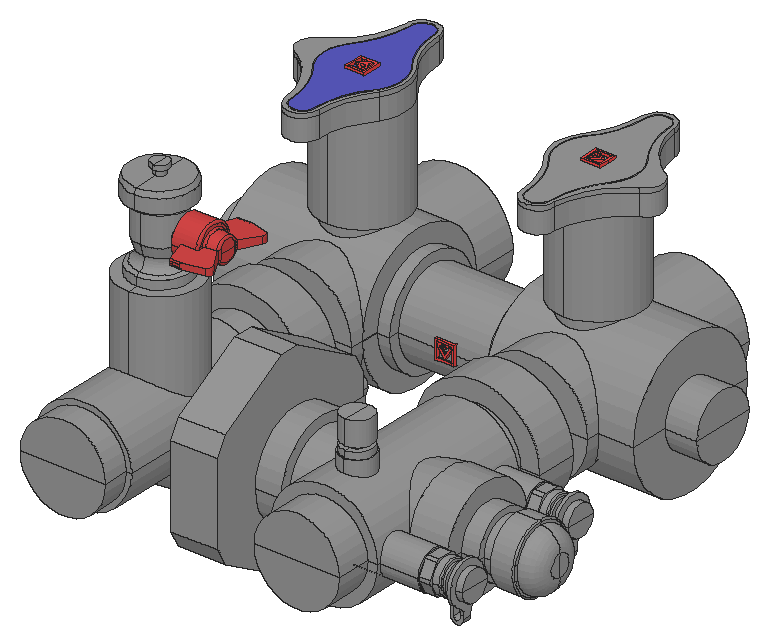
Revit family "HerzCon-узел прямого подключения для фанкойлов 120мм", category Rohrzubehör, Revit 2020
Family settings
  Bemaßung runder Anschluss = Durchmesser verwenden
  Teiletyp = Unterbricht
  OmniClass-Nummer = 23.65.55.14
  OmniClass-Titel = Valves for Liquid Services
  Arbeitsebenenbasiert = Nein
  Immer vertikal = Ja
  Beim Laden mit Abzugskörper schneiden = Nein
  Gemeinsam genutzt = Nein
Parameters (values of type "DN32")
  Среда = "Вода для системы отопления подготавливается в соответствии с ÖNORM H5195 или VDI 2035.\r\nВозможно использование этилена или пропиленгликоля в концентрации 25-50% объема."
  Применение = "HerzCON был разработан для простого подключения фанкойлов или AHU.\r\nHerzCON - это устройство, состоящее из независимого от давления комби-клапана - регулятора расхода (4006), HERZ фильтра-грязевика, HERZ крана для слива (2512) и двух HERZ мультифункциональных шаровых кранов.\r\nВключение, выключение и модульное управление возможно производить через приводы 0 - 10 В.\r\nПриводы могут быть интегрированы в BMS при необходимости.\r\nУстройство обеспечивает независимое от давления управление и в то же время гарантирует постоянный расход для конечного потребителя, максимизируя энергоэффективность системы.\r\nУстройство HerzCON также позволяет производить промывку и запирание.\r\nHerzCON предназначен для работы как в системах холодоснабжения, так и теплоснабжения.\r\nКран для слива, установленный на сетчатом фильтре, позволяет производить промывку устройства без необходимости извлечения сетчатого фильтра, а также позволяет очищать сетчатый фильтр в самом устройстве."
  Номер заказа [instance] = 1460054  # constant formula
  Мин. рабочая температура = -20 °C  # constant formula
  Макс. рабочее давление = 2500000.0 Pa  # constant formula
  Макс. рабочая температура = 130 °C  # constant formula
  Макс. дифференциальное давление = 400000.0 Pa  # constant formula
  Корпус = "латунь, устойчивая к селективной цинковой коррозии"  # constant formula
  kvs-Wert (обычная работа) = 4.57  # constant formula
  kvs-Wert (работа байпаса) = 14.2  # constant formula
  Vorgabe-Ansicht = 0.00 mm
  URL = "www.herz-armaturen.ru"
  SCRNSEQ = "ARM;TYP_ARM=\"DURR\";02"
  SCRNCODE = "05;04;04"  # constant formula
  Nennweite SF [instance] = 40.00 mm  # constant formula
  Nennweite Kombi [instance] = 40.00 mm  # constant formula
  Nennweite KH [instance] = 32.00 mm  # constant formula
  Мембрана и уплотнительное кольцо O-Ring = "EPDM"  # constant formula
  L11 = 16.00 mm  # constant formula
  L10 = 29.30 mm  # constant formula
  L09 = 20.00 mm  # constant formula
  L08 = 14.75 mm  # constant formula
  L07 = 19.25 mm  # constant formula
  L06 = 17.00 mm  # constant formula
  L05 = 26.50 mm  # constant formula
  L04 = 55.00 mm  # constant formula
  L03 = 22.40 mm  # constant formula
  L02 = 6.10 mm  # constant formula
  L01 = 15.00 mm  # constant formula
  L00 [instance] = 226.20 mm  # constant formula
  KR02 = 18.25 mm  # constant formula
  KR01 = 35.00 mm  # constant formula
  KL09 = 4.70 mm  # constant formula
  KL08 = KL06 + KL07  # 70.70 mm
  KL07 = 21.80 mm  # constant formula
  KL06 = KH01 + KL05  # 48.90 mm
  KL05 = 15.40 mm  # constant formula
  KL04 = 12.00 mm  # constant formula
  KL03 = KH03 - 9.00 mm  # 57.00 mm
  KL02 = 16.00 mm  # constant formula
  KL01 = 114.00 mm  # constant formula
  KH03 = 66.00 mm  # constant formula
  KH02 = KH01 + KD01  # 58.50 mm
  KH01 = 33.50 mm  # constant formula
  KD09 = 11.25 mm  # constant formula
  KD08 = 24.50 mm  # constant formula
  KD07 = 23.30 mm  # constant formula
  KD06 = 15.00 mm  # constant formula
  KD05 = 12.50 mm  # constant formula
  KD04 = 13.90 mm  # constant formula
  KD03 = 20.00 mm  # constant formula
  KD02 = 20.00 mm  # constant formula
  KD01 = 25.00 mm  # constant formula
  Ход = "4 мм"  # constant formula
  Hersteller = "HERZ Armaturen Ges.m.b.H."  # constant formula
  H01 = D02 + 1.00 mm  # 34.00 mm
  D10 = 21.40 mm  # constant formula
  D09 = 13.00 mm  # constant formula
  D08 = 18.40 mm  # constant formula
  D07 = 39.00 mm  # constant formula
  D06 = 45.00 mm  # constant formula
  D05 = 54.50 mm  # constant formula
  D04 = 20.00 mm  # constant formula
  D03 = 24.50 mm  # constant formula
  D02 = 33.00 mm  # constant formula
  D01 = 15.00 mm  # constant formula
Reference planes
  plane 1 "Mitte (Vorne/hinten)": y = 0
  plane 2: z = 0
  plane 3 "Mitte (Links/rechts)": x = 0
Forms (mm)
  Revolve 1, solid, material "Messing, weicher Gelbton, geschweißt", detail levels fine
    sketch origin (0, -1.436, 0) x (1, 0, 0) y (0, 1, 0)
      loop
        line (-113.1, 1.436) -> (113.1, 1.436) -> (113.1, 16.436) -> (98.1, 16.436) -> (98.1, 34.436) -> (28.5, 34.436) -> (28.5, 25.936) -> (22.4, 25.936) -> (22.4, 21.436) -> (-22.4, 21.436) -> (-22.4, 25.936) -> (-28.5, 25.936) -> (-28.5, 34.436) -> (-98.1, 34.436) -> (-98.1, 16.436) -> (-113.1, 16.436) -> (-113.1, 1.436)
      axis (113.1, 1.436) -> (-113.1, 1.436)
    angle from 0 to 360
  Revolve 2, solid, material "Messing, weicher Gelbton, geschweißt", detail levels fine
    sketch origin (0, 0, 0) x (-1, 0, 0) y (0, 1, 0)
      loop
        line (-55, -57.4) -> (-55, 33.1) -> (-71, 33.1) -> (-71, 54.5) -> (-81.5, 54.5) -> (-81.5, -39) -> (-69.75, -39) -> (-69.75, -51.4) -> (-84.3, -51.4) -> (-84.3, -70.4) -> (-75, -70.4) -> (-75, -57.4) -> (-55, -57.4)
      axis (-55, -70.4) -> (-55, 54.5)
    angle from 0 to 360
  Revolve 3, solid, material "Messing, weicher Gelbton, geschweißt", detail levels fine
    sketch origin (0, 0, 0) x (1, 0, 0) y (0, 0, 1)
      loop
        line (-55, 0) -> (-55, 45) -> (-72, 45) -> (-72, 0) -> (-55, 0)
      axis (-55, 45) -> (-55, 0)
    angle from 0 to 360
  Revolve 4, solid, material "Messing, weicher Gelbton, geschweißt", detail levels fine
    sketch origin (0, 0, 0) x (-1, 0, 0) y (0, 0, 1)
      loop
        line (-55, 0) -> (-55, 45) -> (-72, 45) -> (-72, 0) -> (-55, 0)
      axis (-55, 45) -> (-55, 0)
    angle from 0 to 360
  Revolve 5, solid, material "Messing, weicher Gelbton, geschweißt", detail levels fine
    sketch origin (0, 0, 0) x (1, 0, 0) y (0, 1, 0)
      loop
        line (-55, -57.4) -> (-55, 33.1) -> (-71, 33.1) -> (-71, 54.5) -> (-81.5, 54.5) -> (-81.5, -39) -> (-69.75, -39) -> (-69.75, -51.4) -> (-84.3, -51.4) -> (-84.3, -70.4) -> (-75, -70.4) -> (-75, -57.4) -> (-55, -57.4)
      axis (-55, -70.4) -> (-55, 54.5)
    angle from 0 to 360
  Revolve 6, solid, material "Messing, weicher Gelbton, geschweißt", detail levels fine
    sketch origin (10, 7.177, 0) x (1, 0, 0) y (0, 1, 0)
      loop
        line (45, -68.677) -> (25, -68.677) -> (25, -84.677) -> (20, -84.677) -> (20, -166.677) -> (25, -166.677) -> (25, -182.677) -> (45, -182.677) -> (45, -68.677)
      axis (45, -68.677) -> (45, -182.677)
    angle from 0 to 360
  Revolve 7, solid, material "Messing, weicher Gelbton, geschweißt", detail levels fine
    sketch origin (10, -105.85, 0) x (1, 0, 0) y (0, 1, 0)
      loop
        line (11.5, -12.65) -> (11.5, -32.65) -> (45, -32.65) -> (70, -35.95) -> (87.8, -35.95) -> (87.8, -27.65) -> (96.3, -27.65) -> (96.3, -25.15) -> (102, -25.15) -> (102, -26.55) -> (111, -26.55) -> (111, -12.65) -> (11.5, -12.65)
      axis (11.5, -12.65) -> (111, -12.65)
    angle from 0 to 360
  Revolve 8, solid, material "Messing, weicher Gelbton, geschweißt", detail levels fine
    sketch origin (10, -105.85, 0) x (1, 0, 0) y (0, 1, 0)
      loop
        line (11.5, -12.65) -> (-3.9, -12.65) -> (-3.9, -23.9) -> (-0.5, -23.9) -> (-0.5, -37.15) -> (11.5, -37.15) -> (11.5, -12.65)
      axis (-3.9, -12.65) -> (11.5, -12.65)
    angle from 0 to 360
  Extrusion 9, solid, material "Messing, weicher Gelbton, geschweißt", detail levels fine
    sketch origin (-4.9, 62.574, 0) x (0, 1, 0) y (0, 0, 1)
      loop
        line (-176.324, 46) -> (-185.824, 46) -> (-218.536, 27.114) -> (-223.286, 18.886) -> (-223.286, -18.886) -> (-218.536, -27.114) -> (-185.824, -46) -> (-176.324, -46) -> (-143.612, -27.114) -> (-138.862, -18.886) -> (-138.862, 18.886) -> (-143.612, 27.114) -> (-176.324, 46)
    from 11 to -10.8
  Revolve 10, solid, material "Messing, weicher Gelbton, geschweißt", detail levels fine
    sketch origin (-4.9, -105.85, 0) x (1, 0, 0) y (0, 1, 0)
      loop
        line (-10.8, -12.65) -> (-10.8, 22.35) -> (-15.5, 5.6) -> (-15.5, -12.65) -> (-10.8, -12.65)
      axis (-15.5, -12.65) -> (-10.8, -12.65)
    angle from 0 to 360
  Extrusion 11, solid, material "Messing, weicher Gelbton, geschweißt", detail levels fine
    sketch origin (-4.9, -105.85, 0) x (1, 0, 0) y (0, 0, 1)
      loop
        line (11, 8) -> (-7.5, 8)
        arc (-7.5, 8) -> (-15.5, 0) -> (-7.5, -8) r 8
        line (-7.5, -8) -> (11, -8) -> (11, 8)
    from -30.847 to 12.65
  Revolve 12, solid, material "Messing, weicher Gelbton, geschweißt", detail levels fine
    sketch origin (-4.9, -105.85, 0) x (1, 0, 0) y (0, 1, 0)
      loop
        line (-14.5, 30.847) -> (-7.5, 30.847) -> (-7.5, 46.847) -> (-14.5, 46.847) -> (-14.5, 35.847) -> (-11.5, 35.847) -> (-11.5, 33.847) -> (-14.5, 33.847) -> (-14.5, 30.847)
      axis (-7.5, 46.847) -> (-7.5, 30.847)
    angle from 0 to 360
  Revolve 13, solid, material "Messing, weicher Gelbton, geschweißt", detail levels fine
    sketch origin (55, -105.85, 0) x (0, 1, 0) y (0, 0, 1)
      loop
        line (-34.65, 0) -> (-26.85, 0) -> (-26.85, 31) -> (-27.65, 31) -> (-27.65, 34) -> (-30.65, 34) -> (-30.65, 36) -> (-27.65, 36) -> (-27.65, 47) -> (-34.65, 47) -> (-34.65, 0)
      axis (-34.65, 47) -> (-34.65, 0)
    angle from 0 to 360
  Revolve 14, solid, material "Messing, weicher Gelbton, geschweißt", detail levels fine
    sketch origin (0, 0, 0) x (1, 0, 0) y (0, 1, 0)
      loop
        line (55, -96.5) -> (97.8, -96.5) -> (97.8, -87.5) -> (55, -87.5) -> (55, -96.5)
      axis (97.8, -87.5) -> (55, -87.5)
    angle from 0 to 360
  Revolve 15, solid, material "Messing, weicher Gelbton, geschweißt", detail levels fine
    sketch origin (0, -396.8, 0) x (1, 0, 0) y (0, -1, 0)
      loop
        line (55, -256.3) -> (97.8, -256.3) -> (97.8, -247.3) -> (55, -247.3) -> (55, -256.3)
      axis (97.8, -247.3) -> (55, -247.3)
    angle from 0 to 360
  Revolve 16, solid, material "Messing, weicher Gelbton, geschweißt", detail levels fine
    sketch origin (0, 251.113, 0) x (1, 0, 0) y (0, 1, 0)
      loop
        line (-55, -312.613) -> (-75, -312.613) -> (-75, -335.613) -> (-77.5, -335.613) -> (-77.5, -413.943) -> (-75, -413.943) -> (-75, -425.613) -> (-55, -425.613) -> (-55, -312.613)
      axis (-55, -312.613) -> (-55, -425.613)
    angle from 0 to 360
  Revolve 17, solid, material "Messing, weicher Gelbton, geschweißt", detail levels fine
    sketch origin (-55, 0, 0) x (0, 1, 0) y (0, 0, 1)
      loop
        line (-105, 0) -> (-105, -36)
        arc (-105, -36) -> (-92.506, -32.657) -> (-84.5, -22.5) r 20.5
        line (-84.5, -22.5) -> (-84.5, 0) -> (-105, 0)
      axis (-105, 0) -> (-105, -36)
    angle from 0 to 360
  Revolve 18, solid, material "Messing, weicher Gelbton, geschweißt", detail levels fine
    sketch origin (-55, -511.376, 0) x (0, 1, 0) y (0, 0, 1)
      loop
        line (393.376, 0) -> (411.876, 0) -> (411.876, 57) -> (406.876, 57) -> (406.876, 61) -> (404.999, 62.084)
        arc (404.999, 62.084) -> (402.831, 64.622) -> (402.743, 67.959) r 5
        line (402.743, 67.959) -> (404.381, 73) -> (404.381, 88) -> (406.581, 88) -> (406.581, 89.5) -> (408.361, 89.5) -> (408.361, 96) -> (407.361, 98.5) -> (395.861, 98.5) -> (395.861, 101.5) -> (397.361, 101.5) -> (397.361, 103.5) -> (393.376, 103.5) -> (393.376, 0)
      axis (393.376, 103.5) -> (393.376, 0)
    angle from 0 to 360
  Extrusion 19, solid, material "Messing, weicher Gelbton, geschweißt", detail levels fine
    sketch origin (5.52, -501.459, 12) x (0, 1, 0) y (0, 0, 1)
      loop
        circle (383.459, 65) r 5.5
    from -60.52 to -43.52
Dimensions and locks
  "L00": Revolve 1 sketch curve to Revolve 1 sketch curve
  "L01": Revolve 1 sketch curve to Revolve 1 sketch curve  (x2)
  "L02": Revolve 1 sketch curve to Revolve 1 sketch curve  (x2)
  equal spacing: Revolve 1 sketch curve, plane 3 "Mitte (Links/rechts)", Revolve 1 sketch curve
  "D01": Revolve 1 sketch curve to Revolve 1 sketch curve  (x2)
  "D02": Revolve 1 sketch curve to Revolve 1 sketch curve  (x2)
  "D03": Revolve 1 sketch curve to Revolve 1 sketch curve  (x2)
  "D04": Revolve 1 sketch curve to Revolve 1 sketch curve
  "D04": nested 2 to plane 1 "Mitte (Vorne/hinten)"
  "D04": nested 1 to plane 1 "Mitte (Vorne/hinten)"
  "L03": Revolve 1 sketch curve to plane 3 "Mitte (Links/rechts)" to Revolve 1 sketch curve
  "L05": Revolve 2 sketch curve to Revolve 2 sketch curve
  "L04": plane 3 "Mitte (Links/rechts)" to Revolve 2 sketch curve  (x2)
  "L04": plane 3 "Mitte (Links/rechts)" to Revolve 3 sketch curve  (x2)
  "L06": Revolve 3 sketch curve to Revolve 3 sketch curve
  "D06": Revolve 3 sketch curve to plane 2
  "L06": Revolve 4 sketch curve to Revolve 4 sketch curve
  "D06": Revolve 4 sketch curve to plane 2
  "L04": plane 3 "Mitte (Links/rechts)" to Revolve 4 sketch curve
  "L04": Revolve 4 sketch curve to plane 3 "Mitte (Links/rechts)"
  "L04": plane 3 "Mitte (Links/rechts)" to nested 3
  "L04": nested 4 to plane 3 "Mitte (Links/rechts)"
  "H01": nested 3 to plane 2
  "H01": nested 4 to plane 2
  "D05": plane 1 "Mitte (Vorne/hinten)" to Revolve 2 sketch curve
  "D07": Revolve 2 sketch curve to plane 1 "Mitte (Vorne/hinten)"
  "D08": Revolve 2 sketch curve to Revolve 2 sketch curve
  "L08": Revolve 2 sketch curve to Revolve 2 sketch curve
  "L10": Revolve 2 sketch curve to Revolve 2 sketch curve
  "L09": Revolve 2 sketch curve to Revolve 2 sketch curve
  "D09": Revolve 2 sketch curve to Revolve 2 sketch curve
  "L05": Revolve 5 sketch curve to Revolve 5 sketch curve
  "D08": Revolve 5 sketch curve to Revolve 5 sketch curve
  "L08": Revolve 5 sketch curve to Revolve 5 sketch curve
  "L10": Revolve 5 sketch curve to Revolve 5 sketch curve
  "L09": Revolve 5 sketch curve to Revolve 5 sketch curve
  "D09": Revolve 5 sketch curve to Revolve 5 sketch curve
  "D05": plane 1 "Mitte (Vorne/hinten)" to Revolve 5 sketch curve
  "D07": Revolve 5 sketch curve to plane 1 "Mitte (Vorne/hinten)"
  "L11": Revolve 5 sketch curve to Revolve 5 sketch curve
  "L04": Revolve 5 sketch curve to plane 3 "Mitte (Links/rechts)"  (x2)
  "D10": Revolve 5 sketch curve to Revolve 5 sketch curve
  "L11": Revolve 2 sketch curve to Revolve 2 sketch curve
  "D10": Revolve 2 sketch curve to Revolve 2 sketch curve
  "KD02": Revolve 6 sketch curve to Revolve 6 sketch curve  (x2)
  "KD01": Revolve 6 sketch curve to Revolve 6 sketch curve
  Revolve 6 sketch curve to Revolve 6 sketch curve = 114.00 mm
  "KL02": Revolve 6 sketch curve to Revolve 6 sketch curve  (x2)
  equal spacing: Revolve 6, Revolve 7 sketch curve, Revolve 6  (x2)
  Revolve 7 sketch curve to Revolve 7 sketch curve = 99.50 mm
  Revolve 7 sketch curve to Revolve 7 sketch curve = 9.00 mm
  Revolve 7 sketch curve to Revolve 7 sketch curve = 5.70 mm
  Revolve 7 sketch curve to Revolve 7 sketch curve = 8.50 mm
  "KD04": Revolve 7 sketch curve to Revolve 7 sketch curve
  "KD05": Revolve 7 sketch curve to Revolve 7 sketch curve
  "KD06": Revolve 7 sketch curve to Revolve 7 sketch curve
  "KD03": Revolve 7 sketch curve to Revolve 7 sketch curve
  "KH01": Revolve 7 sketch curve to Revolve 7 sketch curve
  "KH02": Revolve 7 sketch curve to Revolve 7 sketch curve
  "KH01": Revolve 8 sketch curve to Revolve 7
  equal spacing: Revolve 6, Revolve 8 sketch curve, Revolve 6  (x2)
  "KD08": Revolve 8 sketch curve to Revolve 8 sketch curve
  "KD09": Revolve 8 sketch curve to Revolve 8 sketch curve
  "KL05": Revolve 8 sketch curve to Revolve 8 sketch curve
  "KL04": Revolve 8 sketch curve to Revolve 8 sketch curve
  equal spacing: Revolve 6, Revolve 10 sketch curve, Revolve 6  (x2)
  "KR02": Revolve 10 sketch curve to Revolve 10 sketch curve
  "KR01": Revolve 10 sketch curve to Revolve 10 sketch curve
  "KL09": Revolve 10 sketch curve to Extrusion 9
  equal spacing: Revolve 6, nested 5, Revolve 6
  Revolve 12 sketch curve to Revolve 12 sketch curve = 7.00 mm  (x2)
  Revolve 12 sketch curve to Revolve 12 sketch curve = 4.00 mm
  Revolve 12 sketch curve to Revolve 12 sketch curve = 3.00 mm
  Revolve 12 sketch curve to Revolve 12 sketch curve = 2.00 mm
  Revolve 12 sketch curve to Revolve 12 sketch curve = 11.00 mm
  Revolve 10 to Revolve 12 sketch curve = 1.00 mm
  Revolve 10 to Revolve 12 sketch curve = 8.00 mm
  Extrusion 11 to Revolve 12 sketch curve = 43.497 mm
  equal spacing: Revolve 6, Extrusion 11, Revolve 6
  Revolve 13 sketch curve to Revolve 13 sketch curve = 7.80 mm
  Revolve 13 sketch curve to Revolve 13 sketch curve = 7.00 mm  (x2)
  Revolve 13 sketch curve to Revolve 13 sketch curve = 4.00 mm
  Revolve 13 sketch curve to Revolve 13 sketch curve = 3.00 mm
  Revolve 13 sketch curve to Revolve 13 sketch curve = 2.00 mm
  Revolve 13 sketch curve to Revolve 13 sketch curve = 11.00 mm
  "L04": plane 3 "Mitte (Links/rechts)" to Revolve 6 sketch curve  (x2)
  "KH03": Revolve 7 sketch curve to Revolve 7 sketch curve
  "KD07": Revolve 7 sketch curve to Revolve 7 sketch curve
  "KL03": Revolve 7 to nested 5
  "KL06": Extrusion 9 to Revolve 7
  Extrusion 9 sketch curve to Extrusion 9 sketch curve = 92.00 mm  (x3)
  Extrusion 9 sketch curve to Extrusion 9 sketch curve = 84.424 mm  (x3)
  "KL07": Extrusion 9 to Extrusion 9
  "KL08": Revolve 10 sketch curve to Revolve 7
  Revolve 6 to Extrusion 9 sketch curve = 14.788 mm
  Extrusion 9 sketch curve to Revolve 6 = 14.788 mm
  Extrusion 11 sketch curve to Extrusion 11 sketch curve = 26.50 mm
  Revolve 14 sketch curve to Revolve 14 sketch curve = 42.80 mm
  Revolve 14 sketch curve to Revolve 14 sketch curve = 9.00 mm
  Revolve 14 sketch curve to Revolve 6 = 26.00 mm  (x2)
  Revolve 15 sketch curve to Revolve 15 sketch curve = 42.80 mm
  Revolve 15 sketch curve to Revolve 15 sketch curve = 9.00 mm
  Revolve 6 to Revolve 15 sketch curve = 26.00 mm  (x2)
  Revolve 6 to nested 6 = 26.00 mm
  Revolve 7 to nested 6 = 42.80 mm
  nested 7 to Revolve 6 = 26.00 mm
  Revolve 7 to nested 7 = 42.80 mm
  Revolve 13 sketch curve to plane 2 = 31.00 mm
  Revolve 13 sketch curve to Revolve 6 = 35.00 mm  (x2)
  Revolve 2 to Revolve 6 = 230.00 mm
  Revolve 16 sketch curve to Revolve 16 sketch curve = 23.00 mm
  Revolve 16 sketch curve to Revolve 16 sketch curve = 11.67 mm
  Revolve 16 sketch curve to Revolve 16 sketch curve = 113.00 mm
  "L04": Revolve 16 sketch curve to plane 3 "Mitte (Links/rechts)"  (x2)
  Revolve 16 sketch curve to Revolve 16 sketch curve = 20.00 mm  (x2)
  Revolve 16 sketch curve to Revolve 16 sketch curve = 22.50 mm
  Revolve 17 sketch curve to Revolve 17 sketch curve = 22.50 mm
  Revolve 17 sketch curve to Revolve 17 sketch curve = 20.50 mm
  "L04": Revolve 17 to plane 3 "Mitte (Links/rechts)"
  Revolve 18 sketch curve to Revolve 18 sketch curve = 13.50 mm
  "L04": Revolve 18 to plane 3 "Mitte (Links/rechts)"
  Revolve 18 sketch curve to plane 2 = 57.00 mm
  Revolve 18 sketch curve to Revolve 18 sketch curve = 4.00 mm
  equal spacing: Revolve 16, Revolve 18 sketch curve, Revolve 16  (x2)
  "L04": Extrusion 19 to plane 3 "Mitte (Links/rechts)"
  Extrusion 19 to Extrusion 19 = 17.00 mm
  Revolve 18 to Extrusion 19 = 11.00 mm
  Revolve 18 to nested 8 = 11.00 mm
  equal spacing: Revolve 16, nested 8, Revolve 16
  equal spacing: Revolve 16, Extrusion 19 sketch curve, Revolve 16
  Revolve 16 to Revolve 5 = 229.00 mm
  Revolve 16 to Revolve 17 sketch curve = 43.50 mm  (x2)
  plane 2 to Revolve 17 sketch curve = 36.00 mm
  radius of Extrusion 11 sketch curve = 8.00 mm
  radius of Extrusion 19 sketch curve = 5.50 mm
  aligned and locked: level to plane 2
Automatic sketch dimensions
  Extrusion 9 sketch curve to level = 27.114 mm  (x2)
  Extrusion 9 sketch curve to Extrusion 9 sketch curve = 4.75 mm  (x2)
  level to Extrusion 9 sketch curve = 27.114 mm  (x2)
  Extrusion 9 sketch curve to Extrusion 9 sketch curve = 32.712 mm  (x2)
  level to Extrusion 9 sketch curve = 46.00 mm
  Extrusion 9 sketch curve to Extrusion 9 sketch curve = 9.50 mm
  Extrusion 9 sketch curve to Extrusion 9 sketch curve = 8.227 mm  (x2)
  Extrusion 11 sketch curve to level = 0.00 mm
  Extrusion 11 sketch curve to plane 3 "Mitte (Links/rechts)" = 12.40 mm
  Revolve 12 sketch curve to Revolve 12 sketch curve = 1.775 mm
  Revolve 12 sketch curve to Revolve 12 sketch curve = 4.225 mm
  Revolve 13 sketch curve to level = 0.00 mm
  level to Revolve 13 sketch curve = 7.505 mm
  Revolve 13 sketch curve to Revolve 13 sketch curve = 10.256 mm
  plane 3 "Mitte (Links/rechts)" to Revolve 14 sketch curve = 55.00 mm
  Revolve 14 sketch curve to Revolve 14 sketch curve = 12.80 mm
  Revolve 14 sketch curve to Revolve 14 sketch curve = 5.00 mm
  Revolve 15 sketch curve to plane 3 "Mitte (Links/rechts)" = 55.00 mm
  Revolve 15 sketch curve to Revolve 15 sketch curve = 12.80 mm
  Revolve 15 sketch curve to Revolve 15 sketch curve = 5.00 mm
  Revolve 17 sketch curve to level = 0.00 mm
  Revolve 17 sketch curve to Revolve 17 sketch curve = 1.219 mm
  Revolve 17 sketch curve to Revolve 17 sketch curve = 6.00 mm
  Revolve 17 sketch curve to level = 5.00 mm
  Revolve 18 sketch curve to level = 0.00 mm
  Revolve 18 sketch curve to Revolve 18 sketch curve = 2.485 mm
  Revolve 18 sketch curve to Revolve 18 sketch curve = 1.50 mm  (x2)
  level to Revolve 18 sketch curve = 67.959 mm
  Revolve 18 sketch curve to Revolve 18 sketch curve = 6.883 mm
  Revolve 18 sketch curve to Revolve 18 sketch curve = 8.52 mm
  level to Revolve 18 sketch curve = 62.084 mm
  Revolve 18 sketch curve to Revolve 18 sketch curve = 2.255 mm
  Revolve 18 sketch curve to Revolve 18 sketch curve = 2.20 mm
  level to Revolve 18 sketch curve = 98.50 mm
  Revolve 18 sketch curve to Revolve 18 sketch curve = 0.78 mm
  Revolve 18 sketch curve to Revolve 18 sketch curve = 2.50 mm  (x2)
  Revolve 18 sketch curve to Revolve 18 sketch curve = 1.78 mm
  Revolve 18 sketch curve to Revolve 18 sketch curve = 5.041 mm
  Revolve 18 sketch curve to Revolve 18 sketch curve = 10.50 mm
  Revolve 18 sketch curve to Revolve 18 sketch curve = 3.00 mm
  Revolve 18 sketch curve to Revolve 18 sketch curve = 2.00 mm
  Revolve 18 sketch curve to Revolve 18 sketch curve = 8.124 mm
  Revolve 18 sketch curve to Revolve 18 sketch curve = 5.00 mm
  Revolve 18 sketch curve to Revolve 18 sketch curve = 21.227 mm
  level to Extrusion 19 sketch curve = 77.00 mm
  Revolve 1 sketch curve to plane 1 "Mitte (Vorne/hinten)" = 0.00 mm
  plane 1 "Mitte (Vorne/hinten)" to Revolve 1 sketch curve = 0.00 mm
  Revolve 1 sketch curve to Revolve 1 sketch curve = 1904.835 mm  (x2)
  Revolve 2 sketch curve to Revolve 2 sketch curve = 6.00 mm
  Revolve 2 sketch curve to Revolve 2 sketch curve = 7.746 mm
  Revolve 2 sketch curve to Revolve 2 sketch curve = 7.208 mm
  Revolve 3 sketch curve to level = 0.00 mm  (x2)
  Revolve 3 sketch curve to Revolve 3 sketch curve = 6.726 mm
  Revolve 4 sketch curve to level = 0.00 mm  (x2)
  Revolve 4 sketch curve to Revolve 4 sketch curve = 6.726 mm
  Revolve 5 sketch curve to Revolve 5 sketch curve = 6.00 mm
  Revolve 5 sketch curve to Revolve 5 sketch curve = 7.746 mm
  Revolve 5 sketch curve to Revolve 5 sketch curve = 7.208 mm
  plane 1 "Mitte (Vorne/hinten)" to Revolve 6 sketch curve = 175.50 mm
  Revolve 6 sketch curve to Revolve 6 sketch curve = 6.00 mm
  Revolve 6 sketch curve to Revolve 6 sketch curve = 5.00 mm
  plane 3 "Mitte (Links/rechts)" to Revolve 7 sketch curve = 21.50 mm
  Revolve 7 sketch curve to Revolve 7 sketch curve = 5.00 mm
  Revolve 7 sketch curve to Revolve 7 sketch curve = 11.575 mm
  Revolve 8 sketch curve to Revolve 8 sketch curve = 2.197 mm
  Revolve 8 sketch curve to Revolve 8 sketch curve = 3.212 mm
  Revolve 10 sketch curve to Revolve 10 sketch curve = 0.00 mm  (x2)
  plane 1 "Mitte (Vorne/hinten)" to Revolve 16 sketch curve = 174.50 mm
  Revolve 16 sketch curve to Revolve 16 sketch curve = 26.33 mm
  Revolve 16 sketch curve to Revolve 16 sketch curve = 12.00 mm
Nested families
  nested 1: "Herz-Logo-vorne" at (0, -20, 0) x (0, 1, 0) z (0, 0, 1), type "Herz-Logo-vorne", detail levels fine
  nested 2: "Herz-Logo-vorne" at (0, 20, 0) x (0, 1, 0) z (0, 0, 1), type "Herz-Logo-vorne", detail levels fine
  nested 3: "Handrad (blau) für HerzCon DN25-DN32" at (-55, 0, 34) x (0, -1, 0) z (0, 0, 1), type "Handrad (blau) für HerzCon DN25-DN32", detail levels fine
  nested 4: "Handrad (rot) für HerzCon DN25-DN32" at (55, 0, 34) x (0, 1, 0) z (0, 0, 1), type "Handrad (rot) für HerzCon DN25-DN32", detail levels fine
  nested 5: "Bauschutzkappe für HerCon" at (112, -118.5, 0), type "Bauschutzkappe für HerCon", detail levels fine
  nested 6: "Messstutzen_Band_Eintritt" at (80.3, -149.5, 0) x (0, 1, 0) z (0, 0, 1), type "Messstutzen_Band_Eintritt", detail levels fine
    with Schutzkappe yes, Nennweite 0.00 mm, Gewicht 0.00 kg, Bestellnummer 0
  nested 7: "Messstutzen_Band_Austritt" at (80.3, -87.5, 0) x (0, 1, 0) z (0, 0, 1), type "Messstutzen_Band_Austritt", detail levels fine
    with Schutzkappe yes, Nennweite 0.00 mm, Gewicht 0.00 kg, Bestellnummer 0
  nested 8: "Flügelgriff rot (seite)" at (-42, -118, 77), type "Flügelgriff rot (seite)"
Connectors
  piping at (55, -175.5, 0), diameter 40, driven by "Nennweite Kombi"
    settings: on Revolve 6, index 1, connector inside diameter 609.6 mm, connector length 0.00 mm, flow factor 0, pipe flow 0.0 L/s, pressure drop 0.0 Pa, fitting loss kfactor 0, connector angle 0.00°, fixture units 0, engagement length 0.00 mm, angle of deflection 0.00°, flow configuration 0, flow direction 1, fitting loss method 0, system type 7, joint type 0, gender type 0, connector reference index -1, connector utility 0, adjustable connector no, is connector primary yes, connector description ""
  piping at (-55, -174.5, 0), diameter 40, driven by "Nennweite SF"
    settings: on Revolve 16, index 2, connector inside diameter 609.6 mm, connector length 0.00 mm, flow factor 0, pipe flow 0.0 L/s, pressure drop 0.0 Pa, fitting loss kfactor 0, connector angle 0.00°, fixture units 0, engagement length 0.00 mm, angle of deflection 0.00°, flow configuration 0, flow direction 2, fitting loss method 0, system type 8, joint type 0, gender type 0, connector reference index -1, connector utility 0, adjustable connector no, is connector primary no, connector description ""
  piping at (55, 33.1, 0), diameter 32, driven by "Nennweite KH"
    settings: on Revolve 2, index 3, connector inside diameter 609.6 mm, connector length 0.00 mm, flow factor 0, pipe flow 0.0 L/s, pressure drop 0.0 Pa, fitting loss kfactor 0, connector angle 0.00°, fixture units 0, engagement length 0.00 mm, angle of deflection 0.00°, flow configuration 0, flow direction 2, fitting loss method 0, system type 7, joint type 0, gender type 0, connector reference index -1, connector utility 0, adjustable connector no, is connector primary no, connector description ""
  piping at (-55, 33.1, 0), diameter 32, driven by "Nennweite KH"
    settings: on Revolve 5, index 4, connector inside diameter 609.6 mm, connector length 0.00 mm, flow factor 0, pipe flow 0.0 L/s, pressure drop 0.0 Pa, fitting loss kfactor 0, connector angle 0.00°, fixture units 0, engagement length 0.00 mm, angle of deflection 0.00°, flow configuration 0, flow direction 1, fitting loss method 0, system type 8, joint type 0, gender type 0, connector reference index -1, connector utility 0, adjustable connector no, is connector primary no, connector description ""
Definition of nested family "Herz-Logo-vorne"
  Parameters (values of type "Herz-Logo-vorne")
    Default Elevation = 0.00 mm
  Reference planes
    plane 1 "Mitte (Vorne/hinten)": y = 0
    plane 2: z = 0
    plane 3 "Mitte (Links/rechts)": x = 0
  Forms (mm)
    Extrusion 1, solid
      sketch origin (0.732, -0.018, 0.017) x (0, -1, 0) y (0, 0, 1)
        loop
          line (-0.018, -4.517) -> (4.482, -4.517) -> (4.482, 4.483) -> (-4.518, 4.483) -> (-4.518, -4.517) -> (-0.018, -4.517)
        loop
          line (-0.05, -3.48) -> (3.482, -3.48) -> (3.482, 3.483) -> (-3.518, 3.483) -> (-3.518, -3.48) -> (-0.05, -3.48)
        loop
          arc (-0.018, 2.383) -> (-1.543, 3.287) -> (-3.067, 2.383) r 1.738
          arc (-3.067, 2.383) -> (-3.191, 1.899) -> (-3.067, 1.415) r 1.009
          line (-3.067, 1.415) -> (-0.018, -3.281) -> (3.032, 1.415)
          arc (3.032, 1.415) -> (3.156, 1.899) -> (3.032, 2.383) r 1.009
          arc (3.032, 2.383) -> (1.507, 3.287) -> (-0.018, 2.383) r 1.738
        loop
          arc (1.885, 1.272) -> (2.005, 1.675) -> (1.885, 2.079) r 0.74
          arc (1.885, 2.079) -> (1.265, 2.416) -> (0.644, 2.079) r 0.74
          line (0.644, 2.079) -> (-0.018, 0.97) -> (-0.679, 2.079)
          arc (-0.679, 2.079) -> (-1.3, 2.416) -> (-1.921, 2.079) r 0.74
          arc (-1.921, 2.079) -> (-2.04, 1.675) -> (-1.921, 1.272) r 0.74
          line (-1.921, 1.272) -> (-0.018, -1.658) -> (1.885, 1.272)
      from 0 to 1.5
  Dimensions and locks
    aligned and locked: level to plane 2
Definition of nested family "Handrad (blau) für HerzCon DN25-DN32"
  Parameters (values of type "Handrad (blau) für HerzCon DN25-DN32")
    Default Elevation = 0.00 mm
  Reference planes
    plane 1 "Mitte (Vorne/hinten)": y = 0
    plane 2: z = 0
    plane 3 "Mitte (Links/rechts)": x = 0
  Forms (mm)
    Extrusion 1, solid, detail levels fine
      sketch origin (0, 0, 0) x (1, 0, 0) y (0, 1, 0)
        loop
          circle (0, 0) r 20
      from 0 to 45
    Extrusion 2, solid, detail levels fine
      sketch origin (0, 0, 0) x (1, 0, 0) y (0, 1, 0)
        loop
          arc (-35, 7.5) -> (-42.5, 0) -> (-35, -7.5) r 7.5
          arc (-35, -7.5) -> (-19.287, -13.2) -> (-7.275, -24.825) r 40
          arc (-7.275, -24.825) -> (0, -30) -> (7.275, -24.825) r 7.7
          arc (7.275, -24.825) -> (19.287, -13.2) -> (35, -7.5) r 40
          arc (35, -7.5) -> (42.5, 0) -> (35, 7.5) r 7.5
          arc (35, 7.5) -> (22.22, 10.127) -> (10.965, 16.726) r 40
          arc (10.965, 16.726) -> (0, 20) -> (-10.965, 16.726) r 20
          arc (-10.965, 16.726) -> (-22.22, 10.127) -> (-35, 7.5) r 40
      from 45 to 55
    Extrusion 3, solid, detail levels fine
      sketch origin (0, 0, 0) x (1, 0, 0) y (0, 1, 0)
        loop
          arc (-35, 7.5) -> (-42.5, 0) -> (-35, -7.5) r 7.5
          arc (-35, -7.5) -> (-19.287, -13.2) -> (-7.275, -24.825) r 40
          arc (-7.275, -24.825) -> (0, -30) -> (7.275, -24.825) r 7.7
          arc (7.275, -24.825) -> (19.287, -13.2) -> (35, -7.5) r 40
          arc (35, -7.5) -> (42.5, 0) -> (35, 7.5) r 7.5
          arc (35, 7.5) -> (22.22, 10.127) -> (10.965, 16.726) r 40
          arc (10.965, 16.726) -> (0, 20) -> (-10.965, 16.726) r 20
          arc (-10.965, 16.726) -> (-22.22, 10.127) -> (-35, 7.5) r 40
        loop
          arc (-34.965, 5.5) -> (-40.5, 0) -> (-34.965, -5.5) r 5.5
          arc (-34.965, -5.5) -> (-21.579, -8.231) -> (-9.777, -15.113) r 42
          arc (-9.777, -15.113) -> (0, -18) -> (9.777, -15.113) r 18
          arc (9.777, -15.113) -> (21.579, -8.231) -> (34.965, -5.5) r 42
          arc (34.965, -5.5) -> (40.5, 0) -> (34.965, 5.5) r 5.5
          arc (34.965, 5.5) -> (21.579, 8.231) -> (9.777, 15.113) r 42
          arc (9.777, 15.113) -> (0, 18) -> (-9.777, 15.113) r 18
          arc (-9.777, 15.113) -> (-21.579, 8.231) -> (-34.965, 5.5) r 42
      from 55 to 57
    Extrusion 4, solid, detail levels fine
      sketch origin (0, 0, 0) x (1, 0, 0) y (0, 1, 0)
        loop
          arc (-34.965, 5.5) -> (-40.5, 0) -> (-34.965, -5.5) r 5.5
          arc (-34.965, -5.5) -> (-21.579, -8.231) -> (-9.777, -15.113) r 42
          arc (-9.777, -15.113) -> (0, -18) -> (9.777, -15.113) r 18
          arc (9.777, -15.113) -> (21.579, -8.231) -> (34.965, -5.5) r 42
          arc (34.965, -5.5) -> (40.5, 0) -> (34.965, 5.5) r 5.5
          arc (34.965, 5.5) -> (21.579, 8.231) -> (9.777, 15.113) r 42
          arc (9.777, 15.113) -> (0, 18) -> (-9.777, 15.113) r 18
          arc (-9.777, 15.113) -> (-21.579, 8.231) -> (-34.965, 5.5) r 42
      from 55 to 57
  Dimensions and locks
    aligned and locked: level to plane 2
  Nested families
    nested 1: "Herz-Logo" at (0, 0, 56.5), type "Herz-Logo", detail levels fine
  Definition of nested family "Herz-Logo"
    Parameters (values of type "Herz-Logo")
      Default Elevation = 0.00 mm
    Reference planes
      plane 1 "Mitte (Vorne/hinten)": y = 0
      plane 2: z = 0
      plane 3 "Mitte (Links/rechts)": x = 0
    Forms (mm)
      Extrusion 1, solid
        sketch origin (0, 0, 0) x (1, 0, 0) y (0, 1, 0)
          loop
            line (-0.018, -4.517) -> (4.482, -4.517) -> (4.482, 4.483) -> (-4.518, 4.483) -> (-4.518, -4.517) -> (-0.018, -4.517)
          loop
            line (-0.05, -3.48) -> (3.482, -3.48) -> (3.482, 3.483) -> (-3.518, 3.483) -> (-3.518, -3.48) -> (-0.05, -3.48)
          loop
            arc (-0.018, 2.383) -> (-1.543, 3.287) -> (-3.067, 2.383) r 1.738
            arc (-3.067, 2.383) -> (-3.191, 1.899) -> (-3.067, 1.415) r 1.009
            line (-3.067, 1.415) -> (-0.018, -3.281) -> (3.032, 1.415)
            arc (3.032, 1.415) -> (3.156, 1.899) -> (3.032, 2.383) r 1.009
            arc (3.032, 2.383) -> (1.507, 3.287) -> (-0.018, 2.383) r 1.738
          loop
            arc (1.885, 1.272) -> (2.005, 1.675) -> (1.885, 2.079) r 0.74
            arc (1.885, 2.079) -> (1.265, 2.416) -> (0.644, 2.079) r 0.74
            line (0.644, 2.079) -> (-0.018, 0.97) -> (-0.679, 2.079)
            arc (-0.679, 2.079) -> (-1.3, 2.416) -> (-1.921, 2.079) r 0.74
            arc (-1.921, 2.079) -> (-2.04, 1.675) -> (-1.921, 1.272) r 0.74
            line (-1.921, 1.272) -> (-0.018, -1.658) -> (1.885, 1.272)
        from 0 to 1.5
    Dimensions and locks
      aligned and locked: level to plane 2
Definition of nested family "Handrad (rot) für HerzCon DN25-DN32"
  Parameters (values of type "Handrad (rot) für HerzCon DN25-DN32")
    Default Elevation = 0.00 mm
  Reference planes
    plane 1 "Mitte (Vorne/hinten)": y = 0
    plane 2: z = 0
    plane 3 "Mitte (Links/rechts)": x = 0
  Forms (mm)
    Extrusion 1, solid, detail levels fine
      sketch origin (0, 0, 0) x (1, 0, 0) y (0, 1, 0)
        loop
          circle (0, 0) r 20
      from 0 to 45
    Extrusion 2, solid, detail levels fine
      sketch origin (0, 0, 0) x (1, 0, 0) y (0, 1, 0)
        loop
          arc (-35, 7.5) -> (-42.5, 0) -> (-35, -7.5) r 7.5
          arc (-35, -7.5) -> (-19.287, -13.2) -> (-7.275, -24.825) r 40
          arc (-7.275, -24.825) -> (0, -30) -> (7.275, -24.825) r 7.7
          arc (7.275, -24.825) -> (19.287, -13.2) -> (35, -7.5) r 40
          arc (35, -7.5) -> (42.5, 0) -> (35, 7.5) r 7.5
          arc (35, 7.5) -> (22.22, 10.127) -> (10.965, 16.726) r 40
          arc (10.965, 16.726) -> (0, 20) -> (-10.965, 16.726) r 20
          arc (-10.965, 16.726) -> (-22.22, 10.127) -> (-35, 7.5) r 40
      from 45 to 55
    Extrusion 3, solid, detail levels fine
      sketch origin (0, 0, 0) x (1, 0, 0) y (0, 1, 0)
        loop
          arc (-35, 7.5) -> (-42.5, 0) -> (-35, -7.5) r 7.5
          arc (-35, -7.5) -> (-19.287, -13.2) -> (-7.275, -24.825) r 40
          arc (-7.275, -24.825) -> (0, -30) -> (7.275, -24.825) r 7.7
          arc (7.275, -24.825) -> (19.287, -13.2) -> (35, -7.5) r 40
          arc (35, -7.5) -> (42.5, 0) -> (35, 7.5) r 7.5
          arc (35, 7.5) -> (22.22, 10.127) -> (10.965, 16.726) r 40
          arc (10.965, 16.726) -> (0, 20) -> (-10.965, 16.726) r 20
          arc (-10.965, 16.726) -> (-22.22, 10.127) -> (-35, 7.5) r 40
        loop
          arc (-34.965, 5.5) -> (-40.5, 0) -> (-34.965, -5.5) r 5.5
          arc (-34.965, -5.5) -> (-21.579, -8.231) -> (-9.777, -15.113) r 42
          arc (-9.777, -15.113) -> (0, -18) -> (9.777, -15.113) r 18
          arc (9.777, -15.113) -> (21.579, -8.231) -> (34.965, -5.5) r 42
          arc (34.965, -5.5) -> (40.5, 0) -> (34.965, 5.5) r 5.5
          arc (34.965, 5.5) -> (21.579, 8.231) -> (9.777, 15.113) r 42
          arc (9.777, 15.113) -> (0, 18) -> (-9.777, 15.113) r 18
          arc (-9.777, 15.113) -> (-21.579, 8.231) -> (-34.965, 5.5) r 42
      from 55 to 57
    Extrusion 4, solid, detail levels fine
      sketch origin (0, 0, 0) x (1, 0, 0) y (0, 1, 0)
        loop
          arc (-34.965, 5.5) -> (-40.5, 0) -> (-34.965, -5.5) r 5.5
          arc (-34.965, -5.5) -> (-21.579, -8.231) -> (-9.777, -15.113) r 42
          arc (-9.777, -15.113) -> (0, -18) -> (9.777, -15.113) r 18
          arc (9.777, -15.113) -> (21.579, -8.231) -> (34.965, -5.5) r 42
          arc (34.965, -5.5) -> (40.5, 0) -> (34.965, 5.5) r 5.5
          arc (34.965, 5.5) -> (21.579, 8.231) -> (9.777, 15.113) r 42
          arc (9.777, 15.113) -> (0, 18) -> (-9.777, 15.113) r 18
          arc (-9.777, 15.113) -> (-21.579, 8.231) -> (-34.965, 5.5) r 42
      from 55 to 57
  Dimensions and locks
    aligned and locked: level to plane 2
  Nested families
    nested 1: "Herz-Logo" at (0, 0, 56.5), type "Herz-Logo", detail levels fine
  Definition of nested family "Herz-Logo"
    Parameters (values of type "Herz-Logo")
      Default Elevation = 0.00 mm
    Reference planes
      plane 1 "Mitte (Vorne/hinten)": y = 0
      plane 2: z = 0
      plane 3 "Mitte (Links/rechts)": x = 0
    Forms (mm)
      Extrusion 1, solid
        sketch origin (0, 0, 0) x (1, 0, 0) y (0, 1, 0)
          loop
            line (-0.018, -4.517) -> (4.482, -4.517) -> (4.482, 4.483) -> (-4.518, 4.483) -> (-4.518, -4.517) -> (-0.018, -4.517)
          loop
            line (-0.05, -3.48) -> (3.482, -3.48) -> (3.482, 3.483) -> (-3.518, 3.483) -> (-3.518, -3.48) -> (-0.05, -3.48)
          loop
            arc (-0.018, 2.383) -> (-1.543, 3.287) -> (-3.067, 2.383) r 1.738
            arc (-3.067, 2.383) -> (-3.191, 1.899) -> (-3.067, 1.415) r 1.009
            line (-3.067, 1.415) -> (-0.018, -3.281) -> (3.032, 1.415)
            arc (3.032, 1.415) -> (3.156, 1.899) -> (3.032, 2.383) r 1.009
            arc (3.032, 2.383) -> (1.507, 3.287) -> (-0.018, 2.383) r 1.738
          loop
            arc (1.885, 1.272) -> (2.005, 1.675) -> (1.885, 2.079) r 0.74
            arc (1.885, 2.079) -> (1.265, 2.416) -> (0.644, 2.079) r 0.74
            line (0.644, 2.079) -> (-0.018, 0.97) -> (-0.679, 2.079)
            arc (-0.679, 2.079) -> (-1.3, 2.416) -> (-1.921, 2.079) r 0.74
            arc (-1.921, 2.079) -> (-2.04, 1.675) -> (-1.921, 1.272) r 0.74
            line (-1.921, 1.272) -> (-0.018, -1.658) -> (1.885, 1.272)
        from 0 to 1.5
    Dimensions and locks
      aligned and locked: level to plane 2
Definition of nested family "Bauschutzkappe für HerCon"
  Parameters (values of type "Bauschutzkappe für HerCon")
    Default Elevation = 0.00 mm
  Reference planes
    plane 1 "Mitte (Vorne/hinten)": y = 0
    plane 2: z = 0
    plane 3 "Mitte (Links/rechts)": x = 0
  Forms (mm)
    Revolve 1, solid, detail levels fine
      sketch origin (0, 0, 0) x (0, 0, 1) y (-1, 0, 0)
        loop
          line (0, 0) -> (-15.5, 0) -> (-15.5, -10.067)
          arc (-15.5, -10.067) -> (-15.733, -10.629) -> (-15.25, -11) r 0.5
          line (-15.25, -11) -> (-14.093, -11)
          arc (-14.093, -11) -> (-11.457, -17.364) -> (-5.093, -20) r 9
          line (-5.093, -20) -> (0, -20) -> (0, 0)
        axis (0, 0) -> (0, -20)
      angle from 0 to 360
  Dimensions and locks
    aligned and locked: level to plane 2
Definition of nested family "Messstutzen_Band_Eintritt"
  Parameters (values of type "Messstutzen_Band_Eintritt")
    Default Elevation = 0.00 mm
    URL = "www.herz-armaturen.at"
    Schutzkappe [instance] = yes
    Nennweite [instance] = 0.00 mm
    Manufacturer = "Herz Armaturen GmbH"  # constant formula
    Gewicht [instance] = 0.00 kg
    Bestellnummer [instance] = 0
  Reference planes
    plane 1 "Mitte (Vorne/hinten)": y = 0
    plane 2: z = 0
    plane 3 "Mitte (Links/rechts)": x = 0
    plane 4 "Schlaufe 1": y = -27
    plane 5 "Schlaufe 2": y = -31.678
  Forms (mm)
    Revolve 1, solid, detail levels fine
      sketch origin (0, 0, 0) x (1, 0, 0) y (0, 1, 0)
        loop
          line (-7.4, -9) -> (-7.4, -16.5)
          arc (-7.4, -16.5) -> (-7.693, -17.207) -> (-8.4, -17.5) r 1
          line (-8.4, -17.5) -> (-2, -17.5) -> (-2, 0) -> (-5.555, 0) -> (-6.455, -0.9) -> (-6.455, -4.681) -> (-5.843, -5.293)
          arc (-5.843, -5.293) -> (-5.626, -5.617) -> (-5.55, -6) r 1
          line (-5.55, -6) -> (-5.55, -9) -> (-7.4, -9)
        loop
          line (-3.7, -27) -> (-3.7, -30.45) -> (-4.415, -30.863) -> (-4.415, -35.19) -> (-3.805, -35.8) -> (-2, -35.8) -> (-2, -23) -> (-7.9, -23) -> (-7.9, -26.4) -> (-7.3, -27) -> (-3.7, -27)
        axis (0, 0) -> (0, -35.8)
      angle from 0 to 360
    Extrusion 2, solid, detail levels fine
      sketch origin (0, -17.5, 0) x (-1, 0, 0) y (0, 0, -1)
        loop
          line (5.156, -7.07) -> (8.7, -0.93)
          arc (8.7, -0.93) -> (8.75, 0) -> (8.7, 0.93) r 8.75
          line (8.7, 0.93) -> (5.156, 7.07)
          arc (5.156, 7.07) -> (4.375, 7.578) -> (3.544, 8) r 8.75
          line (3.544, 8) -> (-3.544, 8)
          arc (-3.544, 8) -> (-4.375, 7.578) -> (-5.156, 7.07) r 8.75
          line (-5.156, 7.07) -> (-8.7, 0.93)
          arc (-8.7, 0.93) -> (-8.75, 0) -> (-8.7, -0.93) r 8.75
          line (-8.7, -0.93) -> (-5.156, -7.07)
          arc (-5.156, -7.07) -> (-4.375, -7.578) -> (-3.544, -8) r 8.75
          line (-3.544, -8) -> (3.544, -8)
          arc (3.544, -8) -> (4.375, -7.578) -> (5.156, -7.07) r 8.75
      from 0 to 5.5
    Revolve 3, solid, visible <- "Schutzkappe", detail levels fine
      sketch origin (0, 0, 0) x (1, 0, 0) y (0, 1, 0)
        loop
          line (0, -35.878) -> (-3.805, -35.878) -> (-4.415, -35.268) -> (-4.415, -30.178) -> (-6.9, -30.178) -> (-6.9, -31.678) -> (-6.1, -31.678) -> (-6.1, -33.378) -> (-7, -33.378) -> (-7, -36.678) -> (0, -36.678) -> (0, -35.878)
        axis (0, -30.178) -> (0, -36.678)
      angle from 0 to 360
    Extrusion 4, solid, detail levels fine
      sketch origin (0, -27, 0) x (0, 0, -1) y (-1, 0, 0)
        loop
          circle (0, 0) r 3.7
        loop
          arc (5.505, 3.906) -> (-6.75, 0) -> (5.505, -3.906) r 6.75
          arc (5.505, -3.906) -> (7.288, -2.358) -> (9.582, -1.8) r 5
          line (9.582, -1.8) -> (9.582, 1.8)
          arc (9.582, 1.8) -> (7.288, 2.358) -> (5.505, 3.906) r 5
      from 0 to -1.5
    Extrusion 5, solid, detail levels fine
      sketch origin (0, -31.678, 0) x (0, 0, -1) y (-1, 0, 0)
        loop
          circle (0, 0) r 6.1
        loop
          arc (8.652, 4.495) -> (-9.75, 0) -> (8.652, -4.495) r 9.75
          arc (8.652, -4.495) -> (10.493, -2.527) -> (13.089, -1.8) r 5
          line (13.089, -1.8) -> (13.089, 1.8)
          arc (13.089, 1.8) -> (10.493, 2.527) -> (8.652, 4.495) r 5
      from 0 to -1.5
    Sweep 6, solid, detail levels fine
      path origin (0, 0, 0) x (0, 1, 0) y (0, 0, 1)
        loop
          line (-27.75, -9.582) -> (-27.75, -14.522)
          arc (-27.75, -14.522) -> (-30.089, -16.862) -> (-32.428, -14.522) r 2.339
          line (-32.428, -14.522) -> (-32.428, -13.089)
      profile origin (0, -27.75, -12.052) x (1, 0, 0) y (0, 1, 0)
        loop
          line (-1.8, 0.75) -> (-1.8, -0.75) -> (1.8, -0.75) -> (1.8, 0.75) -> (-1.8, 0.75)
  Cuts and joins
    joined: Extrusion 4, Extrusion 5, Sweep 6
  Dimensions and locks
    aligned and locked: level to plane 2
Definition of nested family "Messstutzen_Band_Austritt"
  Parameters (values of type "Messstutzen_Band_Austritt")
    Default Elevation = 0.00 mm
    URL = "www.herz-armaturen.at"
    Schutzkappe [instance] = yes
    Nennweite [instance] = 0.00 mm
    Manufacturer = "Herz Armaturen GmbH"  # constant formula
    Gewicht [instance] = 0.00 kg
    Bestellnummer [instance] = 0
  Reference planes
    plane 1 "Mitte (Vorne/hinten)": y = 0
    plane 2: z = 0
    plane 3 "Mitte (Links/rechts)": x = 0
    plane 4 "Schlaufe 1": y = -27
    plane 5 "Schlaufe 2": y = -31.678
  Forms (mm)
    Revolve 1, solid, detail levels fine
      sketch origin (0, 0, 0) x (1, 0, 0) y (0, 1, 0)
        loop
          line (-7.4, -9) -> (-7.4, -16.5)
          arc (-7.4, -16.5) -> (-7.693, -17.207) -> (-8.4, -17.5) r 1
          line (-8.4, -17.5) -> (-2, -17.5) -> (-2, 0) -> (-5.555, 0) -> (-6.455, -0.9) -> (-6.455, -4.681) -> (-5.843, -5.293)
          arc (-5.843, -5.293) -> (-5.626, -5.617) -> (-5.55, -6) r 1
          line (-5.55, -6) -> (-5.55, -9) -> (-7.4, -9)
        loop
          line (-3.7, -27) -> (-3.7, -30.45) -> (-4.415, -30.863) -> (-4.415, -35.19) -> (-3.805, -35.8) -> (-2, -35.8) -> (-2, -23) -> (-7.9, -23) -> (-7.9, -26.4) -> (-7.3, -27) -> (-3.7, -27)
        axis (0, 0) -> (0, -35.8)
      angle from 0 to 360
    Extrusion 2, solid, detail levels fine
      sketch origin (0, -17.5, 0) x (-1, 0, 0) y (0, 0, -1)
        loop
          line (5.156, -7.07) -> (8.7, -0.93)
          arc (8.7, -0.93) -> (8.75, 0) -> (8.7, 0.93) r 8.75
          line (8.7, 0.93) -> (5.156, 7.07)
          arc (5.156, 7.07) -> (4.375, 7.578) -> (3.544, 8) r 8.75
          line (3.544, 8) -> (-3.544, 8)
          arc (-3.544, 8) -> (-4.375, 7.578) -> (-5.156, 7.07) r 8.75
          line (-5.156, 7.07) -> (-8.7, 0.93)
          arc (-8.7, 0.93) -> (-8.75, 0) -> (-8.7, -0.93) r 8.75
          line (-8.7, -0.93) -> (-5.156, -7.07)
          arc (-5.156, -7.07) -> (-4.375, -7.578) -> (-3.544, -8) r 8.75
          line (-3.544, -8) -> (3.544, -8)
          arc (3.544, -8) -> (4.375, -7.578) -> (5.156, -7.07) r 8.75
      from 0 to 5.5
    Revolve 3, solid, visible <- "Schutzkappe", detail levels fine
      sketch origin (0, 0, 0) x (1, 0, 0) y (0, 1, 0)
        loop
          line (0, -35.878) -> (-3.805, -35.878) -> (-4.415, -35.268) -> (-4.415, -30.178) -> (-6.9, -30.178) -> (-6.9, -31.678) -> (-6.1, -31.678) -> (-6.1, -33.378) -> (-7, -33.378) -> (-7, -36.678) -> (0, -36.678) -> (0, -35.878)
        axis (0, -30.178) -> (0, -36.678)
      angle from 0 to 360
    Extrusion 4, solid, detail levels fine
      sketch origin (0, -27, 0) x (0, 0, -1) y (-1, 0, 0)
        loop
          circle (0, 0) r 3.7
        loop
          arc (5.505, 3.906) -> (-6.75, 0) -> (5.505, -3.906) r 6.75
          arc (5.505, -3.906) -> (7.288, -2.358) -> (9.582, -1.8) r 5
          line (9.582, -1.8) -> (9.582, 1.8)
          arc (9.582, 1.8) -> (7.288, 2.358) -> (5.505, 3.906) r 5
      from 0 to -1.5
    Extrusion 5, solid, detail levels fine
      sketch origin (0, -31.678, 0) x (0, 0, -1) y (-1, 0, 0)
        loop
          circle (0, 0) r 6.1
        loop
          arc (8.652, 4.495) -> (-9.75, 0) -> (8.652, -4.495) r 9.75
          arc (8.652, -4.495) -> (10.493, -2.527) -> (13.089, -1.8) r 5
          line (13.089, -1.8) -> (13.089, 1.8)
          arc (13.089, 1.8) -> (10.493, 2.527) -> (8.652, 4.495) r 5
      from 0 to -1.5
    Sweep 6, solid, detail levels fine
      path origin (0, 0, 0) x (0, 1, 0) y (0, 0, 1)
        loop
          line (-27.75, -9.582) -> (-27.75, -14.522)
          arc (-27.75, -14.522) -> (-30.089, -16.862) -> (-32.428, -14.522) r 2.339
          line (-32.428, -14.522) -> (-32.428, -13.089)
      profile origin (0, -27.75, -12.052) x (1, 0, 0) y (0, 1, 0)
        loop
          line (-1.8, 0.75) -> (-1.8, -0.75) -> (1.8, -0.75) -> (1.8, 0.75) -> (-1.8, 0.75)
  Cuts and joins
    joined: Extrusion 4, Extrusion 5, Sweep 6
  Dimensions and locks
    aligned and locked: level to plane 2
Definition of nested family "Flügelgriff rot (seite)"
  Parameters (values of type "Flügelgriff rot (seite)")
    Default Elevation = 0.00 mm
  Reference planes
    plane 1 "Mitte (Vorne/hinten)": y = 0
    plane 2: z = 0
    plane 3 "Mitte (Links/rechts)": x = 0
  Forms (mm)
    Revolve 1, solid, detail levels fine
      sketch origin (0, 0, 0) x (1, 0, 0) y (0, 1, 0)
        loop
          line (0, 0) -> (0, -9.5) -> (11.143, -9.5)
          arc (11.143, -9.5) -> (11.82, -9.22) -> (12.1, -8.543) r 0.957
          line (12.1, -8.543) -> (12.1, -7.39)
          arc (12.1, -7.39) -> (12.352, -6.723) -> (12.983, -6.39) r 1.008
          line (12.983, -6.39) -> (17.616, -5.81)
          arc (17.616, -5.81) -> (18.248, -5.477) -> (18.5, -4.81) r 1.009
          line (18.5, -4.81) -> (18.5, 0) -> (0, 0)
        axis (18.5, 0) -> (0, 0)
      angle from 0 to 360
    Extrusion 2, solid, detail levels fine
      sketch origin (0, 0, 0) x (0, 1, 0) y (0, 0, 1)
        loop
          arc (-20, -0.627) -> (-19.829, -1.058) -> (-19.409, -1.256) r 0.63
          line (-19.409, -1.256) -> (-4, -2.231) -> (-4, 2.225) -> (-19.471, 1.312)
          arc (-19.471, 1.312) -> (-19.847, 1.137) -> (-20, 0.752) r 0.562
          line (-20, 0.752) -> (-20, -0.627)
        loop
          line (20, -0.627) -> (20, 0.752)
          arc (20, 0.752) -> (19.847, 1.137) -> (19.471, 1.312) r 0.562
          line (19.471, 1.312) -> (4.042, 2.223) -> (4.042, -2.228) -> (19.409, -1.256)
          arc (19.409, -1.256) -> (19.829, -1.058) -> (20, -0.627) r 0.63
      from 4.6 to 23.9
    Extrusion 3, void
      sketch origin (0, 0, 0) x (1, 0, 0) y (0, 1, 0)
        loop
          line (4.6, -9.5) -> (4.6, -20) -> (7.413, -20) -> (4.6, -9.5)
        loop
          line (4.6, 9.5) -> (7.413, 20) -> (4.6, 20) -> (4.6, 9.5)
      from 5 to -5
    Extrusion 4, void
      sketch origin (0, 0, 0) x (1, 0, 0) y (0, 1, 0)
        loop
          line (18.5, -5.5) -> (23.633, -14.401)
          arc (23.633, -14.401) -> (23.744, -16.174) -> (22.401, -17.336) r 2
          line (22.401, -17.336) -> (12.113, -20) -> (25.076, -20) -> (25.076, 20) -> (12.113, 20) -> (22.401, 17.336)
          arc (22.401, 17.336) -> (23.744, 16.174) -> (23.633, 14.401) r 2
          line (23.633, 14.401) -> (18.5, 5.5) -> (18.5, -5.5)
      from 5 to -5
  Cuts and joins
    Extrusion 3, Extrusion 4 cuts Extrusion 2
    Extrusion 4 cuts Revolve 1
  Dimensions and locks
    aligned and locked: level to plane 2
